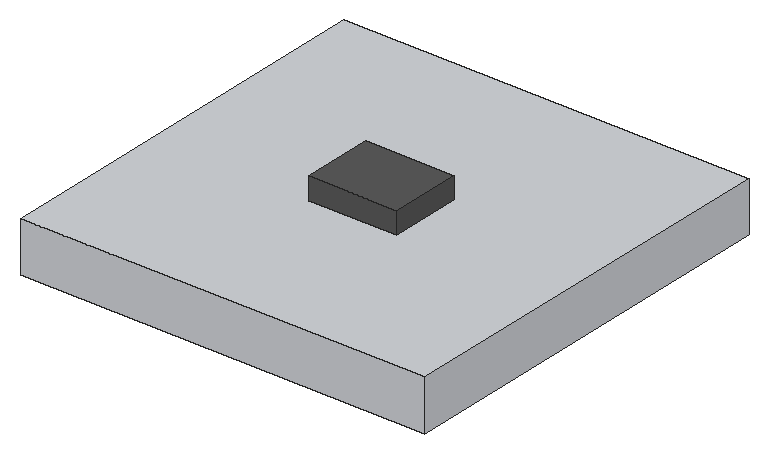
Revit family "r2018_videomax_urm_stoechnogo_ispolneniya", category Устройства связи, Revit 2018 (continued)
Definition of nested family "videomax_19 3U (3S, 3N)"
  Lines and regions (mm)
    model lines, visible <- "Back_500", detail levels fine
      curve 500: circle (-45.921, 36.257, 0) r 1.749 normal (0, 0, 1)
      curve 501: circle (0.394, 36.257, 0) r 1.749 normal (0, 0, 1)
      curve 502: arc (-4.574, 39.813, 0) -> (-3.955, 39.501, 0) -> (-3.888, 38.811, 0) r 0.719
      curve 503: arc (-4.529, 33.636, 0) -> (-4.853, 33.015, 0) -> (-5.513, 32.78, 0) r 0.96
      curve 504: arc (-40.202, 32.78, 0) -> (-40.875, 33.007, 0) -> (-41.225, 33.625, 0) r 0.995
      curve 505: arc (-42.137, 38.667, 0) -> (-42.012, 39.428, 0) -> (-41.344, 39.813, 0) r 0.899
      curve 510: arc (-145.931, 7.693, 0) -> (-145.123, 7.94, 0) -> (-144.776, 8.711, 0) r 1.023
      curve 511: arc (-144.776, 18.861, 0) -> (-144.869, 19.416, 0) -> (-145.136, 19.912, 0) r 1.716
      curve 512: arc (-170.209, 20.136, 0) -> (-170.596, 19.548, 0) -> (-170.773, 18.867, 0) r 2.153
      curve 513: arc (-170.773, 8.67, 0) -> (-170.455, 7.97, 0) -> (-169.738, 7.697, 0) r 1.009
      curve 514: circle (-80.116, 112.246, 0) r 3.066 normal (0, 0, 1)
      curve 515: circle (-35.102, 112.241, 0) r 3.066 normal (0, 0, 1)
      curve 516: circle (-80.015, 67.256, 0) r 3.066 normal (0, 0, 1)
      curve 517: circle (-35.117, 67.24, 0) r 3.066 normal (0, 0, 1)
      curve 518: circle (72.806, 60.701, 0) r 1.749 normal (0, 0, 1)
      curve 519: circle (72.806, 82.963, 0) r 1.749 normal (0, 0, 1)
      curve 520: arc (76.362, 65.289, 0) -> (76.05, 64.67, 0) -> (75.36, 64.603, 0) r 0.719
      curve 521: arc (70.185, 65.244, 0) -> (69.564, 65.568, 0) -> (69.329, 66.228, 0) r 0.96
      curve 522: arc (69.329, 77.307, 0) -> (69.556, 77.98, 0) -> (70.174, 78.33, 0) r 0.995
      curve 523: arc (75.216, 79.241, 0) -> (75.977, 79.117, 0) -> (76.362, 78.449, 0) r 0.899
      curve 524: circle (72.806, 25.769, 0) r 1.749 normal (0, 0, 1)
      curve 525: circle (72.806, 48.031, 0) r 1.749 normal (0, 0, 1)
      curve 526: arc (76.362, 30.357, 0) -> (76.05, 29.738, 0) -> (75.36, 29.671, 0) r 0.719
      curve 527: arc (70.185, 30.312, 0) -> (69.564, 30.636, 0) -> (69.329, 31.296, 0) r 0.96
      curve 528: arc (69.329, 42.375, 0) -> (69.556, 43.048, 0) -> (70.174, 43.398, 0) r 0.995
      curve 529: arc (75.216, 44.309, 0) -> (75.977, 44.185, 0) -> (76.362, 43.517, 0) r 0.899
      curve 530: arc (-186.53, 105.043, 0) -> (-196.109, 80.625, 0) -> (-186.53, 56.207, 0) r 35.911
      curve 531: arc (-182.548, 60.189, 0) -> (-190.482, 80.625, 0) -> (-182.548, 101.062, 0) r 30.29
      curve 532: arc (-174.741, 93.254, 0) -> (-178.24, 87.366, 0) -> (-179.458, 80.625, 0) r 19.266
      curve 533: arc (-179.458, 80.625, 0) -> (-178.24, 73.884, 0) -> (-174.741, 67.996, 0) r 19.266
      curve 534: arc (-171.682, 71.055, 0) -> (-174.253, 75.536, 0) -> (-175.146, 80.625, 0) r 14.954
      curve 535: arc (-175.146, 80.625, 0) -> (-174.253, 85.714, 0) -> (-171.682, 90.195, 0) r 14.954
      curve 536: arc (-180.491, 99.004, 0) -> (-185.742, 90.473, 0) -> (-187.575, 80.625, 0) r 27.383
      curve 537: arc (-187.575, 80.625, 0) -> (-185.742, 70.777, 0) -> (-180.491, 62.246, 0) r 27.383
      curve 538: arc (-176.506, 66.231, 0) -> (-180.542, 72.931, 0) -> (-181.948, 80.625, 0) r 21.756
      curve 539: arc (-181.948, 80.625, 0) -> (-180.542, 88.319, 0) -> (-176.506, 95.019, 0) r 21.756
      curve 540: arc (-133.854, 105.043, 0) -> (-124.275, 80.625, 0) -> (-133.854, 56.207, 0) r 35.911
      curve 541: arc (-137.835, 60.189, 0) -> (-129.902, 80.625, 0) -> (-137.835, 101.062, 0) r 30.29
      curve 542: arc (-145.642, 93.254, 0) -> (-142.143, 87.366, 0) -> (-140.926, 80.625, 0) r 19.266
      curve 543: arc (-140.926, 80.625, 0) -> (-142.143, 73.884, 0) -> (-145.642, 67.996, 0) r 19.266
      curve 544: arc (-148.701, 71.055, 0) -> (-146.13, 75.536, 0) -> (-145.238, 80.625, 0) r 14.954
      curve 545: arc (-145.238, 80.625, 0) -> (-146.13, 85.714, 0) -> (-148.701, 90.195, 0) r 14.954
      curve 546: arc (-139.893, 99.004, 0) -> (-134.641, 90.473, 0) -> (-132.809, 80.625, 0) r 27.383
      curve 547: arc (-132.809, 80.625, 0) -> (-134.641, 70.777, 0) -> (-139.893, 62.246, 0) r 27.383
      curve 548: arc (-143.878, 66.231, 0) -> (-139.841, 72.931, 0) -> (-138.435, 80.625, 0) r 21.756
      curve 549: arc (-138.435, 80.625, 0) -> (-139.841, 88.319, 0) -> (-143.878, 95.019, 0) r 21.756
      curve 550: arc (-135.774, 54.287, 0) -> (-160.192, 44.708, 0) -> (-184.61, 54.287, 0) r 35.911
      curve 551: arc (-180.628, 58.268, 0) -> (-160.192, 50.335, 0) -> (-139.755, 58.268, 0) r 30.29
      curve 552: arc (-147.562, 66.076, 0) -> (-153.451, 62.577, 0) -> (-160.192, 61.359, 0) r 19.266
      curve 553: arc (-160.192, 61.359, 0) -> (-166.932, 62.577, 0) -> (-172.821, 66.076, 0) r 19.266
      curve 554: arc (-169.762, 69.135, 0) -> (-165.281, 66.564, 0) -> (-160.192, 65.671, 0) r 14.954
      curve 555: arc (-160.192, 65.671, 0) -> (-155.103, 66.564, 0) -> (-150.622, 69.135, 0) r 14.954
      curve 556: arc (-141.813, 60.326, 0) -> (-150.343, 55.074, 0) -> (-160.192, 53.242, 0) r 27.383
      curve 557: arc (-160.192, 53.242, 0) -> (-170.04, 55.074, 0) -> (-178.571, 60.326, 0) r 27.383
      curve 558: arc (-174.586, 64.311, 0) -> (-167.886, 60.275, 0) -> (-160.192, 58.869, 0) r 21.756
      curve 559: arc (-160.192, 58.869, 0) -> (-152.498, 60.275, 0) -> (-145.798, 64.311, 0) r 21.756
      curve 560: arc (-135.774, 106.963, 0) -> (-160.192, 116.542, 0) -> (-184.61, 106.963, 0) r 35.911
      curve 561: arc (-180.628, 102.982, 0) -> (-160.192, 110.915, 0) -> (-139.755, 102.982, 0) r 30.29
      curve 562: arc (-147.562, 95.175, 0) -> (-153.451, 98.674, 0) -> (-160.192, 99.891, 0) r 19.266
      curve 563: arc (-160.192, 99.891, 0) -> (-166.932, 98.674, 0) -> (-172.821, 95.175, 0) r 19.266
      curve 564: arc (-169.762, 92.116, 0) -> (-165.281, 94.686, 0) -> (-160.192, 95.579, 0) r 14.954
      curve 565: arc (-160.192, 95.579, 0) -> (-155.103, 94.686, 0) -> (-150.622, 92.115, 0) r 14.954
      curve 566: arc (-141.813, 100.924, 0) -> (-150.343, 106.176, 0) -> (-160.192, 108.008, 0) r 27.383
      curve 567: arc (-160.192, 108.008, 0) -> (-170.04, 106.176, 0) -> (-178.571, 100.924, 0) r 27.383
      curve 568: arc (-174.586, 96.939, 0) -> (-167.886, 100.975, 0) -> (-160.192, 102.381, 0) r 21.756
      curve 569: arc (-160.192, 102.381, 0) -> (-152.498, 100.975, 0) -> (-145.798, 96.939, 0) r 21.756
      curve 570: circle (-196.102, 116.399, 0) r 3 normal (0, 0, 1)
      curve 571: circle (-124.278, 116.539, 0) r 3 normal (0, 0, 1)
      curve 572: circle (-196.102, 44.728, 0) r 3 normal (0, 0, 1)
      curve 573: circle (-124.278, 44.728, 0) r 3 normal (0, 0, 1)
      curve 574: arc (2.253, 105.286, 0) -> (-3.785, 89.894, 0) -> (2.253, 74.502, 0) r 22.637
      curve 575: arc (4.763, 77.012, 0) -> (-0.238, 89.894, 0) -> (4.763, 102.776, 0) r 19.093
      curve 576: arc (9.684, 97.855, 0) -> (7.478, 94.143, 0) -> (6.711, 89.894, 0) r 12.144
      curve 577: arc (6.711, 89.894, 0) -> (7.478, 85.645, 0) -> (9.684, 81.933, 0) r 12.144
      curve 578: arc (11.612, 83.862, 0) -> (9.992, 86.686, 0) -> (9.429, 89.894, 0) r 9.426
      curve 579: arc (9.429, 89.894, 0) -> (9.992, 93.102, 0) -> (11.612, 95.927, 0) r 9.426
      curve 580: arc (6.06, 101.479, 0) -> (2.749, 96.102, 0) -> (1.594, 89.894, 0) r 17.261
      curve 581: arc (1.594, 89.894, 0) -> (2.749, 83.686, 0) -> (6.06, 78.309, 0) r 17.261
      curve 582: arc (8.572, 80.821, 0) -> (6.027, 85.044, 0) -> (5.141, 89.894, 0) r 13.714
      curve 583: arc (5.141, 89.894, 0) -> (6.027, 94.744, 0) -> (8.572, 98.967, 0) r 13.714
      curve 584: arc (35.457, 105.286, 0) -> (41.495, 89.894, 0) -> (35.457, 74.502, 0) r 22.637
      curve 585: arc (32.948, 77.012, 0) -> (37.948, 89.894, 0) -> (32.948, 102.776, 0) r 19.093
      curve 586: arc (28.026, 97.855, 0) -> (30.232, 94.143, 0) -> (31, 89.894, 0) r 12.144
      curve 587: arc (31, 89.894, 0) -> (30.232, 85.645, 0) -> (28.027, 81.933, 0) r 12.144
      curve 588: arc (26.098, 83.862, 0) -> (27.719, 86.686, 0) -> (28.281, 89.894, 0) r 9.426
      curve 589: arc (28.281, 89.894, 0) -> (27.719, 93.102, 0) -> (26.098, 95.927, 0) r 9.426
      curve 590: arc (31.651, 101.479, 0) -> (34.961, 96.102, 0) -> (36.116, 89.894, 0) r 17.261
      curve 591: arc (36.116, 89.894, 0) -> (34.961, 83.686, 0) -> (31.651, 78.309, 0) r 17.261
      curve 592: arc (29.139, 80.821, 0) -> (31.683, 85.044, 0) -> (32.569, 89.894, 0) r 13.714
      curve 593: arc (32.569, 89.894, 0) -> (31.683, 94.744, 0) -> (29.139, 98.967, 0) r 13.714
      curve 594: arc (34.247, 73.292, 0) -> (18.855, 67.254, 0) -> (3.464, 73.292, 0) r 22.637
      curve 595: arc (5.973, 75.802, 0) -> (18.855, 70.801, 0) -> (31.737, 75.802, 0) r 19.093
      curve 596: arc (26.816, 80.723, 0) -> (23.104, 78.517, 0) -> (18.855, 77.75, 0) r 12.144
      curve 597: arc (18.855, 77.75, 0) -> (14.606, 78.517, 0) -> (10.894, 80.723, 0) r 12.144
      curve 598: arc (12.823, 82.651, 0) -> (15.648, 81.031, 0) -> (18.855, 80.468, 0) r 9.426
      curve 599: arc (18.855, 80.468, 0) -> (22.063, 81.031, 0) -> (24.888, 82.651, 0) r 9.426
      curve 600: arc (30.44, 77.099, 0) -> (25.063, 73.788, 0) -> (18.855, 72.633, 0) r 17.261
      curve 601: arc (18.855, 72.633, 0) -> (12.647, 73.788, 0) -> (7.27, 77.099, 0) r 17.261
      curve 602: arc (9.782, 79.61, 0) -> (14.005, 77.066, 0) -> (18.855, 76.18, 0) r 13.714
      curve 603: arc (18.855, 76.18, 0) -> (23.705, 77.066, 0) -> (27.929, 79.611, 0) r 13.714
      curve 604: arc (34.247, 106.496, 0) -> (18.855, 112.534, 0) -> (3.464, 106.496, 0) r 22.637
      curve 605: arc (5.973, 103.987, 0) -> (18.855, 108.987, 0) -> (31.737, 103.987, 0) r 19.093
      curve 606: arc (26.816, 99.065, 0) -> (23.104, 101.271, 0) -> (18.855, 102.039, 0) r 12.144
      curve 607: arc (18.855, 102.039, 0) -> (14.606, 101.271, 0) -> (10.894, 99.065, 0) r 12.144
      curve 608: arc (12.823, 97.137, 0) -> (15.648, 98.758, 0) -> (18.855, 99.32, 0) r 9.426
      curve 609: arc (18.855, 99.32, 0) -> (22.063, 98.758, 0) -> (24.888, 97.137, 0) r 9.426
      curve 610: arc (30.44, 102.69, 0) -> (25.063, 106, 0) -> (18.855, 107.155, 0) r 17.261
      curve 611: arc (18.855, 107.155, 0) -> (12.647, 106, 0) -> (7.27, 102.69, 0) r 17.261
      curve 612: arc (9.782, 100.178, 0) -> (14.005, 102.722, 0) -> (18.855, 103.608, 0) r 13.714
      curve 613: arc (18.855, 103.608, 0) -> (23.705, 102.722, 0) -> (27.929, 100.178, 0) r 13.714
      curve 614: circle (-3.522, 112.265, 0) r 3 normal (0, 0, 1)
      curve 615: circle (41.427, 112.27, 0) r 3 normal (0, 0, 1)
      curve 616: circle (41.464, 67.286, 0) r 3 normal (0, 0, 1)
      curve 617: circle (-3.445, 67.223, 0) r 3 normal (0, 0, 1)
      curve 618: arc (-74.121, 105.075, 0) -> (-80.159, 89.684, 0) -> (-74.121, 74.292, 0) r 22.637
      curve 619: arc (-71.611, 76.801, 0) -> (-76.612, 89.684, 0) -> (-71.611, 102.566, 0) r 19.093
      curve 620: arc (-66.69, 97.644, 0) -> (-68.895, 93.933, 0) -> (-69.663, 89.684, 0) r 12.144
      curve 621: arc (-69.663, 89.684, 0) -> (-68.895, 85.435, 0) -> (-66.69, 81.723, 0) r 12.144
      curve 622: arc (-64.762, 83.651, 0) -> (-66.382, 86.476, 0) -> (-66.945, 89.684, 0) r 9.426
      curve 623: arc (-66.945, 89.684, 0) -> (-66.382, 92.891, 0) -> (-64.761, 95.716, 0) r 9.426
      curve 624: arc (-70.314, 101.269, 0) -> (-73.624, 95.892, 0) -> (-74.779, 89.684, 0) r 17.261
      curve 625: arc (-74.779, 89.684, 0) -> (-73.624, 83.476, 0) -> (-70.314, 78.099, 0) r 17.261
      curve 626: arc (-67.802, 80.61, 0) -> (-70.346, 84.834, 0) -> (-71.233, 89.684, 0) r 13.714
      curve 627: arc (-71.233, 89.684, 0) -> (-70.346, 94.534, 0) -> (-67.802, 98.757, 0) r 13.714
      curve 628: arc (-40.916, 105.075, 0) -> (-34.878, 89.684, 0) -> (-40.916, 74.292, 0) r 22.637
      curve 629: arc (-43.426, 76.801, 0) -> (-38.425, 89.684, 0) -> (-43.426, 102.566, 0) r 19.093
      curve 630: arc (-48.347, 97.644, 0) -> (-46.142, 93.933, 0) -> (-45.374, 89.684, 0) r 12.144
      curve 631: arc (-45.374, 89.684, 0) -> (-46.142, 85.435, 0) -> (-48.347, 81.723, 0) r 12.144
      curve 632: arc (-50.275, 83.651, 0) -> (-48.655, 86.476, 0) -> (-48.092, 89.684, 0) r 9.426
      curve 633: arc (-48.092, 89.684, 0) -> (-48.655, 92.891, 0) -> (-50.276, 95.716, 0) r 9.426
      curve 634: arc (-44.723, 101.269, 0) -> (-41.413, 95.892, 0) -> (-40.258, 89.684, 0) r 17.261
      curve 635: arc (-40.258, 89.684, 0) -> (-41.413, 83.476, 0) -> (-44.723, 78.099, 0) r 17.261
      curve 636: arc (-47.235, 80.61, 0) -> (-44.691, 84.834, 0) -> (-43.804, 89.684, 0) r 13.714
      curve 637: arc (-43.804, 89.684, 0) -> (-44.691, 94.534, 0) -> (-47.235, 98.757, 0) r 13.714
      curve 638: arc (-42.127, 73.082, 0) -> (-57.519, 67.043, 0) -> (-72.91, 73.081, 0) r 22.637
      curve 639: arc (-70.401, 75.591, 0) -> (-57.518, 70.59, 0) -> (-44.636, 75.591, 0) r 19.093
      curve 640: arc (-49.558, 80.512, 0) -> (-53.27, 78.307, 0) -> (-57.519, 77.539, 0) r 12.144
      curve 641: arc (-57.519, 77.539, 0) -> (-61.767, 78.307, 0) -> (-65.479, 80.512, 0) r 12.144
      curve 642: arc (-63.551, 82.441, 0) -> (-60.726, 80.82, 0) -> (-57.519, 80.257, 0) r 9.426
      curve 643: arc (-57.519, 80.257, 0) -> (-54.311, 80.82, 0) -> (-51.486, 82.441, 0) r 9.426
      curve 644: arc (-45.933, 76.888, 0) -> (-51.311, 73.578, 0) -> (-57.519, 72.423, 0) r 17.261
      curve 645: arc (-57.519, 72.423, 0) -> (-63.726, 73.578, 0) -> (-69.104, 76.888, 0) r 17.261
      curve 646: arc (-66.592, 79.4, 0) -> (-62.369, 76.856, 0) -> (-57.519, 75.969, 0) r 13.714
      curve 647: arc (-57.519, 75.969, 0) -> (-52.668, 76.856, 0) -> (-48.445, 79.4, 0) r 13.714
      curve 648: arc (-42.127, 106.286, 0) -> (-57.519, 112.324, 0) -> (-72.91, 106.286, 0) r 22.637
      curve 649: arc (-70.401, 103.776, 0) -> (-57.518, 108.777, 0) -> (-44.636, 103.776, 0) r 19.093
      curve 650: arc (-49.558, 98.855, 0) -> (-53.27, 101.06, 0) -> (-57.519, 101.828, 0) r 12.144
      curve 651: arc (-57.519, 101.828, 0) -> (-61.767, 101.06, 0) -> (-65.479, 98.855, 0) r 12.144
      curve 652: arc (-63.551, 96.927, 0) -> (-60.726, 98.547, 0) -> (-57.519, 99.11, 0) r 9.426
      curve 653: arc (-57.519, 99.11, 0) -> (-54.311, 98.547, 0) -> (-51.486, 96.927, 0) r 9.426
      curve 654: arc (-45.933, 102.479, 0) -> (-51.311, 105.789, 0) -> (-57.519, 106.944, 0) r 17.261
      curve 655: arc (-57.519, 106.944, 0) -> (-63.726, 105.789, 0) -> (-69.104, 102.479, 0) r 17.261
      curve 656: arc (-66.592, 99.967, 0) -> (-62.369, 102.511, 0) -> (-57.519, 103.398, 0) r 13.714
      curve 657: arc (-57.519, 103.398, 0) -> (-52.668, 102.511, 0) -> (-48.445, 99.967, 0) r 13.714
      curve 658: circle (90.573, 102.043, 0) r 1.92 normal (0, 0, 1)
      curve 659: circle (93.779, 98.025, 0) r 1.92 normal (0, 0, 1)
      curve 660: circle (90.561, 93.993, 0) r 1.92 normal (0, 0, 1)
      curve 661: circle (93.77, 89.957, 0) r 1.92 normal (0, 0, 1)
      curve 662: circle (90.351, 85.929, 0) r 1.92 normal (0, 0, 1)
      curve 663: circle (93.757, 81.874, 0) r 1.92 normal (0, 0, 1)
      curve 664: circle (90.547, 77.833, 0) r 1.92 normal (0, 0, 1)
      curve 665: circle (93.727, 73.788, 0) r 1.92 normal (0, 0, 1)
      curve 666: circle (90.442, 69.783, 0) r 1.92 normal (0, 0, 1)
      curve 667: circle (93.849, 65.711, 0) r 1.92 normal (0, 0, 1)
      curve 668: circle (90.548, 61.685, 0) r 1.92 normal (0, 0, 1)
      curve 669: circle (93.804, 57.675, 0) r 1.92 normal (0, 0, 1)
      curve 670: circle (90.353, 53.635, 0) r 1.92 normal (0, 0, 1)
      curve 671: circle (93.698, 49.55, 0) r 1.92 normal (0, 0, 1)
      curve 672: circle (90.519, 45.524, 0) r 1.92 normal (0, 0, 1)
      curve 673: circle (93.774, 41.495, 0) r 1.92 normal (0, 0, 1)
      curve 674: circle (90.444, 37.501, 0) r 1.92 normal (0, 0, 1)
      curve 675: circle (93.85, 33.414, 0) r 1.92 normal (0, 0, 1)
      curve 676: circle (110.871, 102.028, 0) r 1.92 normal (0, 0, 1)
      curve 677: circle (114.078, 98.009, 0) r 1.92 normal (0, 0, 1)
      curve 678: circle (110.86, 93.977, 0) r 1.92 normal (0, 0, 1)
      curve 679: circle (114.069, 89.942, 0) r 1.92 normal (0, 0, 1)
      curve 680: circle (110.65, 85.913, 0) r 1.92 normal (0, 0, 1)
      curve 681: circle (114.056, 81.858, 0) r 1.92 normal (0, 0, 1)
      curve 682: circle (110.846, 77.817, 0) r 1.92 normal (0, 0, 1)
      curve 683: circle (114.025, 73.772, 0) r 1.92 normal (0, 0, 1)
      curve 684: circle (110.741, 69.767, 0) r 1.92 normal (0, 0, 1)
      curve 685: circle (114.148, 65.695, 0) r 1.92 normal (0, 0, 1)
      curve 686: circle (110.847, 61.67, 0) r 1.92 normal (0, 0, 1)
      curve 687: circle (114.102, 57.659, 0) r 1.92 normal (0, 0, 1)
      curve 688: circle (110.651, 53.619, 0) r 1.92 normal (0, 0, 1)
      curve 689: circle (113.997, 49.534, 0) r 1.92 normal (0, 0, 1)
      curve 690: circle (110.817, 45.508, 0) r 1.92 normal (0, 0, 1)
      curve 691: circle (114.073, 41.48, 0) r 1.92 normal (0, 0, 1)
      curve 692: circle (110.742, 37.485, 0) r 1.92 normal (0, 0, 1)
      curve 693: circle (114.149, 33.398, 0) r 1.92 normal (0, 0, 1)
      curve 694: circle (131.158, 102.004, 0) r 1.92 normal (0, 0, 1)
      curve 695: circle (134.365, 97.985, 0) r 1.92 normal (0, 0, 1)
      curve 696: circle (131.147, 93.953, 0) r 1.92 normal (0, 0, 1)
      curve 697: circle (134.356, 89.918, 0) r 1.92 normal (0, 0, 1)
      curve 698: circle (130.936, 85.89, 0) r 1.92 normal (0, 0, 1)
      curve 699: circle (134.342, 81.834, 0) r 1.92 normal (0, 0, 1)
      curve 700: circle (131.133, 77.794, 0) r 1.92 normal (0, 0, 1)
      curve 701: circle (134.312, 73.749, 0) r 1.92 normal (0, 0, 1)
      curve 702: circle (131.028, 69.743, 0) r 1.92 normal (0, 0, 1)
      curve 703: circle (134.434, 65.671, 0) r 1.92 normal (0, 0, 1)
      curve 704: circle (131.133, 61.646, 0) r 1.92 normal (0, 0, 1)
      curve 705: circle (134.389, 57.636, 0) r 1.92 normal (0, 0, 1)
      curve 706: circle (130.938, 53.595, 0) r 1.92 normal (0, 0, 1)
      curve 707: circle (134.284, 49.51, 0) r 1.92 normal (0, 0, 1)
      curve 708: circle (131.104, 45.484, 0) r 1.92 normal (0, 0, 1)
      curve 709: circle (134.36, 41.456, 0) r 1.92 normal (0, 0, 1)
      curve 710: circle (131.029, 37.462, 0) r 1.92 normal (0, 0, 1)
      curve 711: circle (134.435, 33.375, 0) r 1.92 normal (0, 0, 1)
      curve 712: circle (151.425, 102.029, 0) r 1.92 normal (0, 0, 1)
      curve 713: circle (154.632, 98.01, 0) r 1.92 normal (0, 0, 1)
      curve 714: circle (151.414, 93.978, 0) r 1.92 normal (0, 0, 1)
      curve 715: circle (154.623, 89.943, 0) r 1.92 normal (0, 0, 1)
      curve 716: circle (151.203, 85.915, 0) r 1.92 normal (0, 0, 1)
      curve 717: circle (154.609, 81.859, 0) r 1.92 normal (0, 0, 1)
      curve 718: circle (151.4, 77.818, 0) r 1.92 normal (0, 0, 1)
      curve 719: circle (154.579, 73.773, 0) r 1.92 normal (0, 0, 1)
      curve 720: circle (151.295, 69.768, 0) r 1.92 normal (0, 0, 1)
      curve 721: circle (154.701, 65.696, 0) r 1.92 normal (0, 0, 1)
      curve 722: circle (151.4, 61.671, 0) r 1.92 normal (0, 0, 1)
      curve 723: circle (154.656, 57.66, 0) r 1.92 normal (0, 0, 1)
      curve 724: circle (151.205, 53.62, 0) r 1.92 normal (0, 0, 1)
      curve 725: circle (154.551, 49.535, 0) r 1.92 normal (0, 0, 1)
      curve 726: circle (151.371, 45.509, 0) r 1.92 normal (0, 0, 1)
      curve 727: circle (154.627, 41.481, 0) r 1.92 normal (0, 0, 1)
      curve 728: circle (151.296, 37.486, 0) r 1.92 normal (0, 0, 1)
      curve 729: circle (154.703, 33.399, 0) r 1.92 normal (0, 0, 1)
      curve 730: circle (171.706, 102.023, 0) r 1.92 normal (0, 0, 1)
      curve 731: circle (174.913, 98.004, 0) r 1.92 normal (0, 0, 1)
      curve 732: circle (171.695, 93.973, 0) r 1.92 normal (0, 0, 1)
      curve 733: circle (174.904, 89.937, 0) r 1.92 normal (0, 0, 1)
      curve 734: circle (171.485, 85.909, 0) r 1.92 normal (0, 0, 1)
      curve 735: circle (174.891, 81.854, 0) r 1.92 normal (0, 0, 1)
      curve 736: circle (171.681, 77.813, 0) r 1.92 normal (0, 0, 1)
      curve 737: circle (174.861, 73.768, 0) r 1.92 normal (0, 0, 1)
      curve 738: circle (171.576, 69.763, 0) r 1.92 normal (0, 0, 1)
      curve 739: circle (174.983, 65.69, 0) r 1.92 normal (0, 0, 1)
      curve 740: circle (171.682, 61.665, 0) r 1.92 normal (0, 0, 1)
      curve 741: circle (174.938, 57.655, 0) r 1.92 normal (0, 0, 1)
      curve 742: circle (171.487, 53.615, 0) r 1.92 normal (0, 0, 1)
      curve 743: circle (174.832, 49.529, 0) r 1.92 normal (0, 0, 1)
      curve 744: circle (171.652, 45.503, 0) r 1.92 normal (0, 0, 1)
      curve 745: circle (174.908, 41.475, 0) r 1.92 normal (0, 0, 1)
      curve 746: circle (171.577, 37.481, 0) r 1.92 normal (0, 0, 1)
      curve 747: circle (174.984, 33.394, 0) r 1.92 normal (0, 0, 1)
      curve 748: circle (191.958, 102.017, 0) r 1.92 normal (0, 0, 1)
      curve 749: circle (195.164, 97.998, 0) r 1.92 normal (0, 0, 1)
      curve 750: circle (191.946, 93.966, 0) r 1.92 normal (0, 0, 1)
      curve 751: circle (195.155, 89.931, 0) r 1.92 normal (0, 0, 1)
      curve 752: circle (191.736, 85.903, 0) r 1.92 normal (0, 0, 1)
      curve 753: circle (195.142, 81.847, 0) r 1.92 normal (0, 0, 1)
      curve 754: circle (191.932, 77.806, 0) r 1.92 normal (0, 0, 1)
      curve 755: circle (195.112, 73.761, 0) r 1.92 normal (0, 0, 1)
      curve 756: circle (191.827, 69.756, 0) r 1.92 normal (0, 0, 1)
      curve 757: circle (195.234, 65.684, 0) r 1.92 normal (0, 0, 1)
      curve 758: circle (191.933, 61.659, 0) r 1.92 normal (0, 0, 1)
      curve 759: circle (195.189, 57.648, 0) r 1.92 normal (0, 0, 1)
      curve 760: circle (191.738, 53.608, 0) r 1.92 normal (0, 0, 1)
      curve 761: circle (195.083, 49.523, 0) r 1.92 normal (0, 0, 1)
      curve 762: circle (191.904, 45.497, 0) r 1.92 normal (0, 0, 1)
      curve 763: circle (195.159, 41.469, 0) r 1.92 normal (0, 0, 1)
      curve 764: circle (191.828, 37.474, 0) r 1.92 normal (0, 0, 1)
      curve 765: circle (195.235, 33.387, 0) r 1.92 normal (0, 0, 1)
      curve 766: arc (-92.9, 81.787, 0) -> (-95.091, 80.024, 0) -> (-97.073, 82.017, 0) r 2.101
      curve 767: arc (-97.071, 92.991, 0) -> (-94.988, 95.045, 0) -> (-92.904, 92.991, 0) r 2.084
      curve 1027: line (14.426, 22.939, 0) -> (14.426, 14.371, 0)
      curve 1028: line (14.426, 14.371, 0) -> (29.896, 14.371, 0)
      curve 1029: line (29.896, 14.371, 0) -> (29.896, 22.939, 0)
      curve 1030: line (29.896, 22.939, 0) -> (25.109, 22.939, 0)
      curve 1031: line (25.109, 22.939, 0) -> (25.109, 24.425, 0)
      curve 1032: line (25.109, 24.425, 0) -> (19.089, 24.425, 0)
      curve 1033: line (19.089, 24.425, 0) -> (19.089, 22.939, 0)
      curve 1034: line (19.089, 22.939, 0) -> (14.426, 22.939, 0)
      curve 1035: line (33.214, 22.939, 0) -> (33.214, 14.371, 0)
      curve 1036: line (33.214, 14.371, 0) -> (48.684, 14.371, 0)
      curve 1037: line (48.684, 14.371, 0) -> (48.684, 22.939, 0)
      curve 1038: line (48.684, 22.939, 0) -> (43.897, 22.939, 0)
      curve 1039: line (43.897, 22.939, 0) -> (43.897, 24.425, 0)
      curve 1040: line (43.897, 24.425, 0) -> (37.877, 24.425, 0)
      curve 1041: line (37.877, 24.425, 0) -> (37.877, 22.939, 0)
      curve 1042: line (37.877, 22.939, 0) -> (33.214, 22.939, 0)
      curve 1043: line (-11.385, 21.674, 0) -> (1.775, 21.674, 0)
      curve 1044: line (2.461, 20.672, 0) -> (1.82, 15.497, 0)
      curve 1045: line (0.836, 14.641, 0) -> (-10.243, 14.641, 0)
      curve 1046: line (-11.266, 15.486, 0) -> (-12.177, 20.528, 0)
      curve 1047: line (-47.652, 21.674, 0) -> (-34.492, 21.674, 0)
      curve 1048: line (-33.806, 20.672, 0) -> (-34.447, 15.497, 0)
      curve 1049: line (-35.431, 14.641, 0) -> (-46.51, 14.641, 0)
      curve 1050: line (-47.533, 15.486, 0) -> (-48.444, 20.528, 0)
      curve 1051: line (-71.782, 23.611, 0) -> (-57.713, 23.611, 0)
      curve 1052: line (-57.713, 23.611, 0) -> (-57.713, 29.884, 0)
      curve 1053: line (-57.713, 29.884, 0) -> (-71.782, 29.884, 0)
      curve 1054: line (-71.782, 29.884, 0) -> (-71.782, 23.611, 0)
      curve 1055: line (-71.782, 14.929, 0) -> (-57.713, 14.929, 0)
      curve 1056: line (-57.713, 14.929, 0) -> (-57.713, 21.203, 0)
      curve 1057: line (-57.713, 21.203, 0) -> (-71.782, 21.203, 0)
      curve 1058: line (-71.782, 21.203, 0) -> (-71.782, 14.929, 0)
      curve 1059: line (-69.691, 26.019, 0) -> (-59.805, 26.019, 0)
      curve 1060: line (-69.691, 17.337, 0) -> (-59.805, 17.337, 0)
      curve 1061: line (-41.344, 39.813, 0) -> (-4.574, 39.813, 0)
      curve 1062: line (-3.888, 38.811, 0) -> (-4.529, 33.636, 0)
      curve 1063: line (-5.513, 32.78, 0) -> (-40.202, 32.78, 0)
      curve 1064: line (-41.225, 33.625, 0) -> (-42.137, 38.667, 0)
      curve 1072: line (-169.737, 7.693, 0) -> (-145.931, 7.693, 0)
      curve 1073: line (-144.776, 8.711, 0) -> (-144.776, 18.861, 0)
      curve 1074: line (-145.136, 19.912, 0) -> (-146.257, 20.973, 0)
      curve 1075: line (-146.257, 20.973, 0) -> (-150.812, 24.936, 0)
      curve 1076: line (-150.812, 24.936, 0) -> (-165.887, 24.812, 0)
      curve 1077: line (-165.887, 24.812, 0) -> (-170.209, 20.136, 0)
      curve 1078: line (-170.773, 18.867, 0) -> (-170.773, 8.67, 0)
      curve 1079: line (-165.438, 15.837, 0) -> (-164.197, 15.837, 0)
      curve 1080: line (-164.197, 15.837, 0) -> (-164.197, 13.465, 0)
      curve 1081: line (-164.197, 13.465, 0) -> (-165.426, 13.465, 0)
      curve 1082: line (-165.426, 13.465, 0) -> (-165.438, 15.837, 0)
      curve 1083: line (-158.413, 19.979, 0) -> (-157.171, 19.979, 0)
      curve 1084: line (-157.171, 19.979, 0) -> (-157.171, 17.607, 0)
      curve 1085: line (-157.171, 17.607, 0) -> (-158.4, 17.607, 0)
      curve 1086: line (-158.4, 17.607, 0) -> (-158.413, 19.979, 0)
      curve 1087: line (-151.37, 15.837, 0) -> (-150.128, 15.837, 0)
      curve 1088: line (-150.128, 15.837, 0) -> (-150.128, 13.465, 0)
      curve 1089: line (-150.128, 13.465, 0) -> (-151.357, 13.465, 0)
      curve 1090: line (-151.357, 13.465, 0) -> (-151.37, 15.837, 0)
      curve 1091: line (76.362, 78.449, 0) -> (76.362, 65.289, 0)
      curve 1092: line (75.36, 64.603, 0) -> (70.185, 65.244, 0)
      curve 1093: line (69.329, 66.228, 0) -> (69.329, 77.307, 0)
      curve 1094: line (70.174, 78.33, 0) -> (75.216, 79.241, 0)
      curve 1095: line (76.362, 43.517, 0) -> (76.362, 30.357, 0)
      curve 1096: line (75.36, 29.671, 0) -> (70.185, 30.312, 0)
      curve 1097: line (69.329, 31.296, 0) -> (69.329, 42.375, 0)
      curve 1098: line (70.174, 43.398, 0) -> (75.216, 44.309, 0)
      curve 1099: line (-182.548, 101.062, 0) -> (-186.53, 105.043, 0)
      curve 1100: line (-186.53, 56.207, 0) -> (-182.548, 60.189, 0)
      curve 1101: line (-171.682, 90.195, 0) -> (-174.741, 93.254, 0)
      curve 1102: line (-174.741, 67.996, 0) -> (-171.682, 71.055, 0)
      curve 1103: line (-176.506, 95.019, 0) -> (-180.491, 99.004, 0)
      curve 1104: line (-180.491, 62.246, 0) -> (-176.506, 66.231, 0)
      curve 1105: line (-137.835, 101.062, 0) -> (-133.854, 105.043, 0)
      curve 1106: line (-133.854, 56.207, 0) -> (-137.835, 60.189, 0)
      curve 1107: line (-148.701, 90.195, 0) -> (-145.642, 93.254, 0)
      curve 1108: line (-145.642, 67.996, 0) -> (-148.701, 71.055, 0)
      curve 1109: line (-143.878, 95.019, 0) -> (-139.893, 99.004, 0)
      curve 1110: line (-139.893, 62.246, 0) -> (-143.878, 66.231, 0)
      curve 1111: line (-139.755, 58.268, 0) -> (-135.774, 54.287, 0)
      curve 1112: line (-184.61, 54.287, 0) -> (-180.628, 58.268, 0)
      curve 1113: line (-150.622, 69.135, 0) -> (-147.562, 66.076, 0)
      curve 1114: line (-172.821, 66.076, 0) -> (-169.762, 69.135, 0)
      curve 1115: line (-145.798, 64.311, 0) -> (-141.813, 60.326, 0)
      curve 1116: line (-178.571, 60.326, 0) -> (-174.586, 64.311, 0)
      curve 1117: line (-139.755, 102.982, 0) -> (-135.774, 106.963, 0)
      curve 1118: line (-184.61, 106.963, 0) -> (-180.628, 102.982, 0)
      curve 1119: line (-150.622, 92.115, 0) -> (-147.562, 95.175, 0)
      curve 1120: line (-172.821, 95.175, 0) -> (-169.762, 92.116, 0)
      curve 1121: line (-145.798, 96.939, 0) -> (-141.813, 100.924, 0)
      curve 1122: line (-178.571, 100.924, 0) -> (-174.586, 96.939, 0)
      curve 1123: line (4.763, 102.776, 0) -> (2.253, 105.286, 0)
      curve 1124: line (2.253, 74.502, 0) -> (4.763, 77.012, 0)
      curve 1125: line (11.612, 95.927, 0) -> (9.684, 97.855, 0)
      curve 1126: line (9.684, 81.933, 0) -> (11.612, 83.862, 0)
      curve 1127: line (8.572, 98.967, 0) -> (6.06, 101.479, 0)
      curve 1128: line (6.06, 78.309, 0) -> (8.572, 80.821, 0)
      curve 1129: line (32.948, 102.776, 0) -> (35.457, 105.286, 0)
      curve 1130: line (35.457, 74.502, 0) -> (32.948, 77.012, 0)
      curve 1131: line (26.098, 95.927, 0) -> (28.026, 97.855, 0)
      curve 1132: line (28.027, 81.933, 0) -> (26.098, 83.862, 0)
      curve 1133: line (29.139, 98.967, 0) -> (31.651, 101.479, 0)
      curve 1134: line (31.651, 78.309, 0) -> (29.139, 80.821, 0)
      curve 1135: line (31.737, 75.802, 0) -> (34.247, 73.292, 0)
      curve 1136: line (3.464, 73.292, 0) -> (5.973, 75.802, 0)
      curve 1137: line (24.888, 82.651, 0) -> (26.816, 80.723, 0)
      curve 1138: line (10.894, 80.723, 0) -> (12.823, 82.651, 0)
      curve 1139: line (27.929, 79.611, 0) -> (30.44, 77.099, 0)
      curve 1140: line (7.27, 77.099, 0) -> (9.782, 79.61, 0)
      curve 1141: line (31.737, 103.987, 0) -> (34.247, 106.496, 0)
      curve 1142: line (3.464, 106.496, 0) -> (5.973, 103.987, 0)
      curve 1143: line (24.888, 97.137, 0) -> (26.816, 99.065, 0)
      curve 1144: line (10.894, 99.065, 0) -> (12.823, 97.137, 0)
      curve 1145: line (27.929, 100.178, 0) -> (30.44, 102.69, 0)
      curve 1146: line (7.27, 102.69, 0) -> (9.782, 100.178, 0)
      curve 1150: line (-71.611, 102.566, 0) -> (-74.121, 105.075, 0)
      curve 1151: line (-74.121, 74.292, 0) -> (-71.611, 76.801, 0)
      curve 1152: line (-64.761, 95.716, 0) -> (-66.69, 97.644, 0)
      curve 1153: line (-66.69, 81.723, 0) -> (-64.762, 83.651, 0)
      curve 1154: line (-67.802, 98.757, 0) -> (-70.314, 101.269, 0)
      curve 1155: line (-70.314, 78.099, 0) -> (-67.802, 80.61, 0)
      curve 1156: line (-43.426, 102.566, 0) -> (-40.916, 105.075, 0)
      curve 1157: line (-40.916, 74.292, 0) -> (-43.426, 76.801, 0)
      curve 1158: line (-50.276, 95.716, 0) -> (-48.347, 97.644, 0)
      curve 1159: line (-48.347, 81.723, 0) -> (-50.275, 83.651, 0)
      curve 1160: line (-47.235, 98.757, 0) -> (-44.723, 101.269, 0)
      curve 1161: line (-44.723, 78.099, 0) -> (-47.235, 80.61, 0)
      curve 1162: line (-44.636, 75.591, 0) -> (-42.127, 73.082, 0)
      curve 1163: line (-72.91, 73.081, 0) -> (-70.401, 75.591, 0)
      curve 1164: line (-51.486, 82.441, 0) -> (-49.558, 80.512, 0)
      curve 1165: line (-65.479, 80.512, 0) -> (-63.551, 82.441, 0)
      curve 1166: line (-48.445, 79.4, 0) -> (-45.933, 76.888, 0)
      curve 1167: line (-69.104, 76.888, 0) -> (-66.592, 79.4, 0)
      curve 1168: line (-44.636, 103.776, 0) -> (-42.127, 106.286, 0)
      curve 1169: line (-72.91, 106.286, 0) -> (-70.401, 103.776, 0)
      curve 1170: line (-51.486, 96.927, 0) -> (-49.558, 98.855, 0)
      curve 1171: line (-65.479, 98.855, 0) -> (-63.551, 96.927, 0)
      curve 1172: line (-48.445, 99.967, 0) -> (-45.933, 102.479, 0)
      curve 1173: line (-69.104, 102.479, 0) -> (-66.592, 99.967, 0)
      curve 1198: line (-99.396, 98.334, 0) -> (-90.863, 98.334, 0)
      curve 1199: line (-90.863, 98.334, 0) -> (-90.863, 77.332, 0)
      curve 1200: line (-90.863, 77.332, 0) -> (-99.46, 77.332, 0)
      curve 1201: line (-99.46, 77.332, 0) -> (-99.396, 98.334, 0)
      curve 1202: line (-92.9, 92.991, 0) -> (-92.9, 81.787, 0)
      curve 1203: line (-97.073, 82.017, 0) -> (-97.073, 92.991, 0)
      curve 1213: circle (1480.964, 9.972, 0) r 1.749 normal (0, 0, 1)
      curve 1214: circle (1458.702, 9.972, 0) r 1.749 normal (0, 0, 1)
      curve 1215: circle (1444.697, 9.972, 0) r 1.749 normal (0, 0, 1)
      curve 1216: circle (1422.435, 9.972, 0) r 1.749 normal (0, 0, 1)
      curve 1217: arc (1476.376, 13.528, 0) -> (1476.995, 13.216, 0) -> (1477.062, 12.526, 0) r 0.719
      curve 1218: arc (1476.421, 7.351, 0) -> (1476.097, 6.73, 0) -> (1475.437, 6.495, 0) r 0.96
      curve 1219: arc (1464.358, 6.495, 0) -> (1463.685, 6.722, 0) -> (1463.335, 7.34, 0) r 0.995
      curve 1220: arc (1462.424, 12.382, 0) -> (1462.548, 13.143, 0) -> (1463.216, 13.528, 0) r 0.899
      curve 1221: arc (1440.109, 13.528, 0) -> (1440.728, 13.216, 0) -> (1440.795, 12.526, 0) r 0.719
      curve 1222: arc (1440.154, 7.351, 0) -> (1439.83, 6.73, 0) -> (1439.17, 6.495, 0) r 0.96
      curve 1223: arc (1428.091, 6.495, 0) -> (1427.418, 6.722, 0) -> (1427.068, 7.34, 0) r 0.995
      curve 1224: arc (1426.157, 12.382, 0) -> (1426.281, 13.143, 0) -> (1426.949, 13.528, 0) r 0.899
      curve 1225: circle (1393.935, 24.671, 0) r 4.437 normal (0, 0, 1)
      curve 1226: circle (1393.935, 10.773, 0) r 4.437 normal (0, 0, 1)
      curve 1227: circle (1428.68, 28.111, 0) r 1.749 normal (0, 0, 1)
      curve 1228: circle (1474.995, 28.111, 0) r 1.749 normal (0, 0, 1)
      curve 1229: arc (1470.027, 31.667, 0) -> (1470.646, 31.355, 0) -> (1470.713, 30.665, 0) r 0.719
      curve 1230: arc (1470.072, 25.49, 0) -> (1469.748, 24.869, 0) -> (1469.088, 24.634, 0) r 0.96
      curve 1231: arc (1434.399, 24.634, 0) -> (1433.726, 24.861, 0) -> (1433.376, 25.479, 0) r 0.995
      curve 1232: arc (1432.465, 30.521, 0) -> (1432.589, 31.282, 0) -> (1433.257, 31.667, 0) r 0.899
      curve 1237: arc (1328.67, -0.453, 0) -> (1329.478, -0.206, 0) -> (1329.825, 0.565, 0) r 1.023
      curve 1238: arc (1329.825, 10.715, 0) -> (1329.733, 11.27, 0) -> (1329.466, 11.766, 0) r 1.716
      curve 1239: arc (1304.392, 11.99, 0) -> (1304.005, 11.402, 0) -> (1303.828, 10.721, 0) r 2.153
      curve 1240: arc (1303.828, 0.523, 0) -> (1304.146, -0.176, 0) -> (1304.863, -0.449, 0) r 1.009
      curve 1241: circle (1394.485, 104.1, 0) r 3.066 normal (0, 0, 1)
      curve 1242: circle (1439.499, 104.095, 0) r 3.066 normal (0, 0, 1)
      curve 1243: circle (1394.586, 59.11, 0) r 3.066 normal (0, 0, 1)
      curve 1244: circle (1439.484, 59.094, 0) r 3.066 normal (0, 0, 1)
      curve 1245: circle (1547.407, 52.555, 0) r 1.749 normal (0, 0, 1)
      curve 1246: circle (1547.407, 74.816, 0) r 1.749 normal (0, 0, 1)
      curve 1247: arc (1550.964, 57.143, 0) -> (1550.651, 56.524, 0) -> (1549.961, 56.456, 0) r 0.719
      curve 1248: arc (1544.787, 57.098, 0) -> (1544.165, 57.422, 0) -> (1543.93, 58.081, 0) r 0.96
      curve 1249: arc (1543.93, 69.16, 0) -> (1544.157, 69.834, 0) -> (1544.775, 70.184, 0) r 0.995
      curve 1250: arc (1549.817, 71.095, 0) -> (1550.578, 70.971, 0) -> (1550.964, 70.303, 0) r 0.899
      curve 1251: circle (1547.407, 17.623, 0) r 1.749 normal (0, 0, 1)
      curve 1252: circle (1547.407, 39.885, 0) r 1.749 normal (0, 0, 1)
      curve 1253: arc (1550.964, 22.211, 0) -> (1550.651, 21.592, 0) -> (1549.961, 21.525, 0) r 0.719
      curve 1254: arc (1544.787, 22.166, 0) -> (1544.165, 22.49, 0) -> (1543.93, 23.15, 0) r 0.96
      curve 1255: arc (1543.93, 34.229, 0) -> (1544.157, 34.902, 0) -> (1544.775, 35.252, 0) r 0.995
      curve 1256: arc (1549.817, 36.163, 0) -> (1550.578, 36.039, 0) -> (1550.964, 35.371, 0) r 0.899
      curve 1257: arc (1288.072, 96.897, 0) -> (1278.493, 72.479, 0) -> (1288.072, 48.061, 0) r 35.911
      curve 1258: arc (1292.053, 52.042, 0) -> (1284.12, 72.479, 0) -> (1292.053, 92.916, 0) r 30.29
      curve 1259: arc (1299.86, 85.108, 0) -> (1296.361, 79.22, 0) -> (1295.143, 72.479, 0) r 19.266
      curve 1260: arc (1295.143, 72.479, 0) -> (1296.361, 65.738, 0) -> (1299.86, 59.85, 0) r 19.266
      curve 1261: arc (1302.919, 62.909, 0) -> (1300.348, 67.39, 0) -> (1299.456, 72.479, 0) r 14.954
      curve 1262: arc (1299.456, 72.479, 0) -> (1300.348, 77.568, 0) -> (1302.919, 82.049, 0) r 14.954
      curve 1263: arc (1294.111, 90.858, 0) -> (1288.859, 82.327, 0) -> (1287.026, 72.479, 0) r 27.383
      curve 1264: arc (1287.026, 72.479, 0) -> (1288.859, 62.631, 0) -> (1294.11, 54.1, 0) r 27.383
      curve 1265: arc (1298.095, 58.085, 0) -> (1294.059, 64.785, 0) -> (1292.653, 72.479, 0) r 21.756
      curve 1266: arc (1292.653, 72.479, 0) -> (1294.059, 80.173, 0) -> (1298.095, 86.873, 0) r 21.756
      curve 1267: arc (1340.747, 96.897, 0) -> (1350.326, 72.479, 0) -> (1340.747, 48.061, 0) r 35.911
      curve 1268: arc (1336.766, 52.042, 0) -> (1344.699, 72.479, 0) -> (1336.766, 92.916, 0) r 30.29
      curve 1269: arc (1328.959, 85.108, 0) -> (1332.458, 79.22, 0) -> (1333.676, 72.479, 0) r 19.266
      curve 1270: arc (1333.676, 72.479, 0) -> (1332.458, 65.738, 0) -> (1328.959, 59.85, 0) r 19.266
      curve 1271: arc (1325.9, 62.909, 0) -> (1328.471, 67.39, 0) -> (1329.363, 72.479, 0) r 14.954
      curve 1272: arc (1329.363, 72.479, 0) -> (1328.471, 77.568, 0) -> (1325.9, 82.049, 0) r 14.954
      curve 1273: arc (1334.708, 90.858, 0) -> (1339.96, 82.327, 0) -> (1341.792, 72.479, 0) r 27.383
      curve 1274: arc (1341.792, 72.479, 0) -> (1339.96, 62.631, 0) -> (1334.708, 54.1, 0) r 27.383
      curve 1275: arc (1330.724, 58.085, 0) -> (1334.76, 64.785, 0) -> (1336.166, 72.479, 0) r 21.756
      curve 1276: arc (1336.166, 72.479, 0) -> (1334.76, 80.173, 0) -> (1330.724, 86.873, 0) r 21.756
      curve 1277: arc (1338.827, 46.141, 0) -> (1314.409, 36.562, 0) -> (1289.992, 46.141, 0) r 35.911
      curve 1278: arc (1293.973, 50.122, 0) -> (1314.409, 42.189, 0) -> (1334.846, 50.122, 0) r 30.29
      curve 1279: arc (1327.039, 57.93, 0) -> (1321.15, 54.43, 0) -> (1314.409, 53.213, 0) r 19.266
      curve 1280: arc (1314.409, 53.213, 0) -> (1307.669, 54.43, 0) -> (1301.78, 57.929, 0) r 19.266
      curve 1281: arc (1304.839, 60.988, 0) -> (1309.321, 58.418, 0) -> (1314.409, 57.525, 0) r 14.954
      curve 1282: arc (1314.409, 57.525, 0) -> (1319.498, 58.418, 0) -> (1323.98, 60.989, 0) r 14.954
      curve 1283: arc (1332.788, 52.18, 0) -> (1324.258, 46.928, 0) -> (1314.409, 45.096, 0) r 27.383
      curve 1284: arc (1314.409, 45.096, 0) -> (1304.561, 46.928, 0) -> (1296.031, 52.18, 0) r 27.383
      curve 1285: arc (1300.016, 56.165, 0) -> (1306.715, 52.129, 0) -> (1314.409, 50.723, 0) r 21.756
      curve 1286: arc (1314.409, 50.723, 0) -> (1322.104, 52.129, 0) -> (1328.803, 56.165, 0) r 21.756
      curve 1287: arc (1338.827, 98.817, 0) -> (1314.409, 108.396, 0) -> (1289.992, 98.817, 0) r 35.911
      curve 1288: arc (1293.973, 94.836, 0) -> (1314.409, 102.769, 0) -> (1334.846, 94.836, 0) r 30.29
      curve 1289: arc (1327.039, 87.028, 0) -> (1321.15, 90.527, 0) -> (1314.409, 91.745, 0) r 19.266
      curve 1290: arc (1314.409, 91.745, 0) -> (1307.669, 90.528, 0) -> (1301.78, 87.029, 0) r 19.266
      curve 1291: arc (1304.839, 83.969, 0) -> (1309.321, 86.54, 0) -> (1314.409, 87.433, 0) r 14.954
      curve 1292: arc (1314.409, 87.433, 0) -> (1319.498, 86.54, 0) -> (1323.98, 83.969, 0) r 14.954
      curve 1293: arc (1332.788, 92.778, 0) -> (1324.258, 98.03, 0) -> (1314.409, 99.862, 0) r 27.383
      curve 1294: arc (1314.409, 99.862, 0) -> (1304.561, 98.03, 0) -> (1296.031, 92.778, 0) r 27.383
      curve 1295: arc (1300.016, 88.793, 0) -> (1306.715, 92.829, 0) -> (1314.409, 94.235, 0) r 21.756
      curve 1296: arc (1314.409, 94.235, 0) -> (1322.104, 92.829, 0) -> (1328.803, 88.793, 0) r 21.756
      curve 1297: circle (1278.5, 108.252, 0) r 3 normal (0, 0, 1)
      curve 1298: circle (1350.323, 108.393, 0) r 3 normal (0, 0, 1)
      curve 1299: circle (1278.5, 36.582, 0) r 3 normal (0, 0, 1)
      curve 1300: circle (1350.323, 36.582, 0) r 3 normal (0, 0, 1)
      curve 1301: arc (1476.854, 97.14, 0) -> (1470.816, 81.748, 0) -> (1476.854, 66.356, 0) r 22.637
      curve 1302: arc (1479.364, 68.866, 0) -> (1474.363, 81.748, 0) -> (1479.364, 94.63, 0) r 19.093
      curve 1303: arc (1484.285, 89.709, 0) -> (1482.08, 85.997, 0) -> (1481.312, 81.748, 0) r 12.144
      curve 1304: arc (1481.312, 81.748, 0) -> (1482.08, 77.499, 0) -> (1484.285, 73.787, 0) r 12.144
      curve 1305: arc (1486.213, 75.716, 0) -> (1484.593, 78.54, 0) -> (1484.03, 81.748, 0) r 9.426
      curve 1306: arc (1484.03, 81.748, 0) -> (1484.593, 84.956, 0) -> (1486.214, 87.781, 0) r 9.426
      curve 1307: arc (1480.661, 93.333, 0) -> (1477.351, 87.956, 0) -> (1476.196, 81.748, 0) r 17.261
      curve 1308: arc (1476.196, 81.748, 0) -> (1477.351, 75.54, 0) -> (1480.661, 70.163, 0) r 17.261
      curve 1309: arc (1483.173, 72.675, 0) -> (1480.629, 76.898, 0) -> (1479.742, 81.748, 0) r 13.714
      curve 1310: arc (1479.742, 81.748, 0) -> (1480.629, 86.598, 0) -> (1483.173, 90.821, 0) r 13.714
      curve 1311: arc (1510.059, 97.14, 0) -> (1516.097, 81.748, 0) -> (1510.059, 66.356, 0) r 22.637
      curve 1312: arc (1507.549, 68.866, 0) -> (1512.55, 81.748, 0) -> (1507.549, 94.63, 0) r 19.093
      curve 1313: arc (1502.628, 89.709, 0) -> (1504.833, 85.997, 0) -> (1505.601, 81.748, 0) r 12.144
      curve 1314: arc (1505.601, 81.748, 0) -> (1504.833, 77.499, 0) -> (1502.628, 73.787, 0) r 12.144
      curve 1315: arc (1500.699, 75.716, 0) -> (1502.32, 78.54, 0) -> (1502.883, 81.748, 0) r 9.426
      curve 1316: arc (1502.883, 81.748, 0) -> (1502.32, 84.956, 0) -> (1500.699, 87.781, 0) r 9.426
      curve 1317: arc (1506.252, 93.333, 0) -> (1509.562, 87.956, 0) -> (1510.717, 81.748, 0) r 17.261
      curve 1318: arc (1510.717, 81.748, 0) -> (1509.562, 75.54, 0) -> (1506.252, 70.163, 0) r 17.261
      curve 1319: arc (1503.74, 72.675, 0) -> (1506.284, 76.898, 0) -> (1507.171, 81.748, 0) r 13.714
      curve 1320: arc (1507.171, 81.748, 0) -> (1506.284, 86.598, 0) -> (1503.74, 90.821, 0) r 13.714
      curve 1321: arc (1508.848, 65.146, 0) -> (1493.456, 59.108, 0) -> (1478.065, 65.146, 0) r 22.637
      curve 1322: arc (1480.574, 67.655, 0) -> (1493.456, 62.655, 0) -> (1506.339, 67.656, 0) r 19.093
      curve 1323: arc (1501.417, 72.577, 0) -> (1497.705, 70.371, 0) -> (1493.456, 69.604, 0) r 12.144
      curve 1324: arc (1493.456, 69.604, 0) -> (1489.208, 70.371, 0) -> (1485.496, 72.577, 0) r 12.144
      curve 1325: arc (1487.424, 74.505, 0) -> (1490.249, 72.884, 0) -> (1493.456, 72.322, 0) r 9.426
      curve 1326: arc (1493.456, 72.322, 0) -> (1496.664, 72.884, 0) -> (1499.489, 74.505, 0) r 9.426
      curve 1327: arc (1505.042, 68.953, 0) -> (1499.664, 65.642, 0) -> (1493.456, 64.487, 0) r 17.261
      curve 1328: arc (1493.456, 64.487, 0) -> (1487.249, 65.642, 0) -> (1481.871, 68.953, 0) r 17.261
      curve 1329: arc (1484.383, 71.464, 0) -> (1488.606, 68.92, 0) -> (1493.456, 68.034, 0) r 13.714
      curve 1330: arc (1493.456, 68.034, 0) -> (1498.307, 68.92, 0) -> (1502.53, 71.464, 0) r 13.714
      curve 1331: arc (1508.848, 98.35, 0) -> (1493.456, 104.388, 0) -> (1478.065, 98.35, 0) r 22.637
      curve 1332: arc (1480.574, 95.841, 0) -> (1493.456, 100.841, 0) -> (1506.339, 95.841, 0) r 19.093
      curve 1333: arc (1501.417, 90.919, 0) -> (1497.705, 93.125, 0) -> (1493.456, 93.892, 0) r 12.144
      curve 1334: arc (1493.456, 93.892, 0) -> (1489.208, 93.125, 0) -> (1485.496, 90.919, 0) r 12.144
      curve 1335: arc (1487.424, 88.991, 0) -> (1490.249, 90.612, 0) -> (1493.456, 91.174, 0) r 9.426
      curve 1336: arc (1493.456, 91.174, 0) -> (1496.664, 90.612, 0) -> (1499.489, 88.991, 0) r 9.426
      curve 1337: arc (1505.042, 94.543, 0) -> (1499.664, 97.854, 0) -> (1493.456, 99.009, 0) r 17.261
      curve 1338: arc (1493.456, 99.009, 0) -> (1487.249, 97.854, 0) -> (1481.871, 94.543, 0) r 17.261
      curve 1339: arc (1484.383, 92.032, 0) -> (1488.606, 94.576, 0) -> (1493.456, 95.462, 0) r 13.714
      curve 1340: arc (1493.456, 95.462, 0) -> (1498.307, 94.576, 0) -> (1502.53, 92.032, 0) r 13.714
      curve 1341: circle (1471.079, 104.119, 0) r 3 normal (0, 0, 1)
      curve 1342: circle (1516.029, 104.124, 0) r 3 normal (0, 0, 1)
      curve 1343: circle (1516.065, 59.14, 0) r 3 normal (0, 0, 1)
      curve 1344: circle (1471.157, 59.077, 0) r 3 normal (0, 0, 1)
      curve 1345: arc (1400.481, 96.929, 0) -> (1394.443, 81.537, 0) -> (1400.481, 66.146, 0) r 22.637
      curve 1346: arc (1402.99, 68.655, 0) -> (1397.989, 81.537, 0) -> (1402.99, 94.42, 0) r 19.093
      curve 1347: arc (1407.911, 89.498, 0) -> (1405.706, 85.786, 0) -> (1404.938, 81.537, 0) r 12.144
      curve 1348: arc (1404.938, 81.537, 0) -> (1405.706, 77.289, 0) -> (1407.911, 73.577, 0) r 12.144
      curve 1349: arc (1409.84, 75.505, 0) -> (1408.219, 78.33, 0) -> (1407.657, 81.537, 0) r 9.426
      curve 1350: arc (1407.657, 81.537, 0) -> (1408.219, 84.745, 0) -> (1409.84, 87.57, 0) r 9.426
      curve 1351: arc (1404.287, 93.123, 0) -> (1400.977, 87.745, 0) -> (1399.822, 81.537, 0) r 17.261
      curve 1352: arc (1399.822, 81.537, 0) -> (1400.977, 75.33, 0) -> (1404.287, 69.952, 0) r 17.261
      curve 1353: arc (1406.799, 72.464, 0) -> (1404.255, 76.687, 0) -> (1403.369, 81.537, 0) r 13.714
      curve 1354: arc (1403.369, 81.537, 0) -> (1404.255, 86.388, 0) -> (1406.799, 90.611, 0) r 13.714
      curve 1355: arc (1433.685, 96.929, 0) -> (1439.723, 81.537, 0) -> (1433.685, 66.146, 0) r 22.637
      curve 1356: arc (1431.175, 68.655, 0) -> (1436.176, 81.537, 0) -> (1431.175, 94.42, 0) r 19.093
      curve 1357: arc (1426.254, 89.498, 0) -> (1428.46, 85.786, 0) -> (1429.227, 81.537, 0) r 12.144
      curve 1358: arc (1429.227, 81.537, 0) -> (1428.46, 77.289, 0) -> (1426.254, 73.577, 0) r 12.144
      curve 1359: arc (1424.326, 75.505, 0) -> (1425.946, 78.33, 0) -> (1426.509, 81.537, 0) r 9.426
      curve 1360: arc (1426.509, 81.537, 0) -> (1425.946, 84.745, 0) -> (1424.326, 87.57, 0) r 9.426
      curve 1361: arc (1429.878, 93.123, 0) -> (1433.189, 87.745, 0) -> (1434.344, 81.537, 0) r 17.261
      curve 1362: arc (1434.344, 81.537, 0) -> (1433.189, 75.33, 0) -> (1429.878, 69.952, 0) r 17.261
      curve 1363: arc (1427.366, 72.464, 0) -> (1429.911, 76.687, 0) -> (1430.797, 81.537, 0) r 13.714
      curve 1364: arc (1430.797, 81.537, 0) -> (1429.911, 86.388, 0) -> (1427.366, 90.611, 0) r 13.714
      curve 1365: arc (1432.474, 64.935, 0) -> (1417.083, 58.897, 0) -> (1401.691, 64.935, 0) r 22.637
      curve 1366: arc (1404.201, 67.445, 0) -> (1417.083, 62.444, 0) -> (1429.965, 67.445, 0) r 19.093
      curve 1367: arc (1425.044, 72.366, 0) -> (1421.332, 70.161, 0) -> (1417.083, 69.393, 0) r 12.144
      curve 1368: arc (1417.083, 69.393, 0) -> (1412.834, 70.161, 0) -> (1409.122, 72.366, 0) r 12.144
      curve 1369: arc (1411.05, 74.294, 0) -> (1413.875, 72.674, 0) -> (1417.083, 72.111, 0) r 9.426
      curve 1370: arc (1417.083, 72.111, 0) -> (1420.29, 72.674, 0) -> (1423.115, 74.295, 0) r 9.426
      curve 1371: arc (1428.668, 68.742, 0) -> (1423.291, 65.432, 0) -> (1417.083, 64.277, 0) r 17.261
      curve 1372: arc (1417.083, 64.277, 0) -> (1410.875, 65.432, 0) -> (1405.498, 68.742, 0) r 17.261
      curve 1373: arc (1408.01, 71.254, 0) -> (1412.233, 68.71, 0) -> (1417.083, 67.823, 0) r 13.714
      curve 1374: arc (1417.083, 67.823, 0) -> (1421.933, 68.71, 0) -> (1426.156, 71.254, 0) r 13.714
      curve 1375: arc (1432.474, 98.139, 0) -> (1417.083, 104.178, 0) -> (1401.691, 98.14, 0) r 22.637
      curve 1376: arc (1404.201, 95.63, 0) -> (1417.083, 100.631, 0) -> (1429.965, 95.63, 0) r 19.093
      curve 1377: arc (1425.044, 90.709, 0) -> (1421.332, 92.914, 0) -> (1417.083, 93.682, 0) r 12.144
      curve 1378: arc (1417.083, 93.682, 0) -> (1412.834, 92.914, 0) -> (1409.122, 90.709, 0) r 12.144
      curve 1379: arc (1411.05, 88.78, 0) -> (1413.875, 90.401, 0) -> (1417.083, 90.964, 0) r 9.426
      curve 1380: arc (1417.083, 90.964, 0) -> (1420.29, 90.401, 0) -> (1423.115, 88.78, 0) r 9.426
      curve 1381: arc (1428.668, 94.333, 0) -> (1423.291, 97.643, 0) -> (1417.083, 98.798, 0) r 17.261
      curve 1382: arc (1417.083, 98.798, 0) -> (1410.875, 97.643, 0) -> (1405.498, 94.333, 0) r 17.261
      curve 1383: arc (1408.01, 91.821, 0) -> (1412.233, 94.365, 0) -> (1417.083, 95.252, 0) r 13.714
      curve 1384: arc (1417.083, 95.252, 0) -> (1421.933, 94.365, 0) -> (1426.156, 91.821, 0) r 13.714
      curve 1385: circle (1565.174, 93.897, 0) r 1.92 normal (0, 0, 1)
      curve 1386: circle (1568.38, 89.878, 0) r 1.92 normal (0, 0, 1)
      curve 1387: circle (1565.162, 85.847, 0) r 1.92 normal (0, 0, 1)
      curve 1388: circle (1568.372, 81.811, 0) r 1.92 normal (0, 0, 1)
      curve 1389: circle (1564.952, 77.783, 0) r 1.92 normal (0, 0, 1)
      curve 1390: circle (1568.358, 73.728, 0) r 1.92 normal (0, 0, 1)
      curve 1391: circle (1565.148, 69.687, 0) r 1.92 normal (0, 0, 1)
      curve 1392: circle (1568.328, 65.642, 0) r 1.92 normal (0, 0, 1)
      curve 1393: circle (1565.043, 61.637, 0) r 1.92 normal (0, 0, 1)
      curve 1394: circle (1568.45, 57.565, 0) r 1.92 normal (0, 0, 1)
      curve 1395: circle (1565.149, 53.539, 0) r 1.92 normal (0, 0, 1)
      curve 1396: circle (1568.405, 49.529, 0) r 1.92 normal (0, 0, 1)
      curve 1397: circle (1564.954, 45.489, 0) r 1.92 normal (0, 0, 1)
      curve 1398: circle (1568.3, 41.403, 0) r 1.92 normal (0, 0, 1)
      curve 1399: circle (1565.12, 37.378, 0) r 1.92 normal (0, 0, 1)
      curve 1400: circle (1568.376, 33.349, 0) r 1.92 normal (0, 0, 1)
      curve 1401: circle (1565.045, 29.355, 0) r 1.92 normal (0, 0, 1)
      curve 1402: circle (1568.451, 25.268, 0) r 1.92 normal (0, 0, 1)
      curve 1403: circle (1585.472, 93.881, 0) r 1.92 normal (0, 0, 1)
      curve 1404: circle (1588.679, 89.863, 0) r 1.92 normal (0, 0, 1)
      curve 1405: circle (1585.461, 85.831, 0) r 1.92 normal (0, 0, 1)
      curve 1406: circle (1588.67, 81.795, 0) r 1.92 normal (0, 0, 1)
      curve 1407: circle (1585.251, 77.767, 0) r 1.92 normal (0, 0, 1)
      curve 1408: circle (1588.657, 73.712, 0) r 1.92 normal (0, 0, 1)
      curve 1409: circle (1585.447, 69.671, 0) r 1.92 normal (0, 0, 1)
      curve 1410: circle (1588.627, 65.626, 0) r 1.92 normal (0, 0, 1)
      curve 1411: circle (1585.342, 61.621, 0) r 1.92 normal (0, 0, 1)
      curve 1412: circle (1588.749, 57.549, 0) r 1.92 normal (0, 0, 1)
      curve 1413: circle (1585.448, 53.523, 0) r 1.92 normal (0, 0, 1)
      curve 1414: circle (1588.704, 49.513, 0) r 1.92 normal (0, 0, 1)
      curve 1415: circle (1585.252, 45.473, 0) r 1.92 normal (0, 0, 1)
      curve 1416: circle (1588.598, 41.388, 0) r 1.92 normal (0, 0, 1)
      curve 1417: circle (1585.418, 37.362, 0) r 1.92 normal (0, 0, 1)
      curve 1418: circle (1588.674, 33.333, 0) r 1.92 normal (0, 0, 1)
      curve 1419: circle (1585.343, 29.339, 0) r 1.92 normal (0, 0, 1)
      curve 1420: circle (1588.75, 25.252, 0) r 1.92 normal (0, 0, 1)
      curve 1421: circle (1605.759, 93.858, 0) r 1.92 normal (0, 0, 1)
      curve 1422: circle (1608.966, 89.839, 0) r 1.92 normal (0, 0, 1)
      curve 1423: circle (1605.748, 85.807, 0) r 1.92 normal (0, 0, 1)
      curve 1424: circle (1608.957, 81.772, 0) r 1.92 normal (0, 0, 1)
      curve 1425: circle (1605.538, 77.744, 0) r 1.92 normal (0, 0, 1)
      curve 1426: circle (1608.944, 73.688, 0) r 1.92 normal (0, 0, 1)
      curve 1427: circle (1605.734, 69.647, 0) r 1.92 normal (0, 0, 1)
      curve 1428: circle (1608.913, 65.603, 0) r 1.92 normal (0, 0, 1)
      curve 1429: circle (1605.629, 61.597, 0) r 1.92 normal (0, 0, 1)
      curve 1430: circle (1609.036, 57.525, 0) r 1.92 normal (0, 0, 1)
      curve 1431: circle (1605.735, 53.5, 0) r 1.92 normal (0, 0, 1)
      curve 1432: circle (1608.99, 49.49, 0) r 1.92 normal (0, 0, 1)
      curve 1433: circle (1605.539, 45.449, 0) r 1.92 normal (0, 0, 1)
      curve 1434: circle (1608.885, 41.364, 0) r 1.92 normal (0, 0, 1)
      curve 1435: circle (1605.705, 37.338, 0) r 1.92 normal (0, 0, 1)
      curve 1436: circle (1608.961, 33.31, 0) r 1.92 normal (0, 0, 1)
      curve 1437: circle (1605.63, 29.316, 0) r 1.92 normal (0, 0, 1)
      curve 1438: circle (1609.037, 25.229, 0) r 1.92 normal (0, 0, 1)
      curve 1439: circle (1626.026, 93.883, 0) r 1.92 normal (0, 0, 1)
      curve 1440: circle (1629.233, 89.864, 0) r 1.92 normal (0, 0, 1)
      curve 1441: circle (1626.015, 85.832, 0) r 1.92 normal (0, 0, 1)
      curve 1442: circle (1629.224, 81.797, 0) r 1.92 normal (0, 0, 1)
      curve 1443: circle (1625.805, 77.768, 0) r 1.92 normal (0, 0, 1)
      curve 1444: circle (1629.211, 73.713, 0) r 1.92 normal (0, 0, 1)
